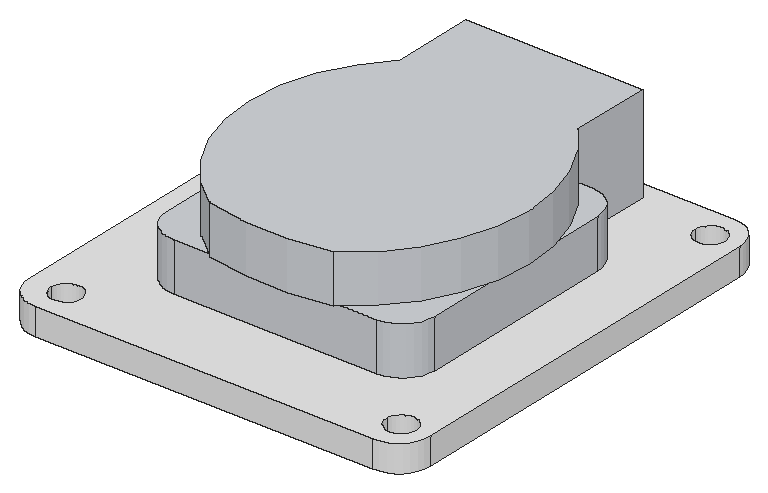
Revit family "Building-ConnessioniIEC309-GEWISS-IEC309HP-PRESA_FISSA_INC_ST_TEDESCO", category Apparecchi elettrici, host Superficie, Revit 2019
Family settings
  Host = Superficie
  Mantenere orientamento annotazione = Sì
  Quota connettore circolare = Usa diametro
  Tipo di parte = Normale
  Taglio con vuoti quando caricato = No
  Condiviso = No
  Punto di calcolo locali = Sì
Parameters (values of type "GW62393 - PRESA SCHUKO IP54 230V CON FLANGIA")
  simbolo acceso [instance] = yes
  distanza_simbolo [instance] = 1 mm
  distanza dal piano [instance] = 0 mm
  W = 115 mm  # constant formula
  Versione file RFA = "21.11"
  URL = "https://www.gewiss.com/it/it"
  Tipologia = ""
  Tipo Cablaggio = "A vite"
  Termopressione con biglia = "125 °C (Parti attive) - 80 °C (Parti passive)"
  Tensione nominale = "230V"
  Temperatura di utilizzo = "-25 +55 °C"
  Standard = "Tedesco"
  Spostamento_effettivo_S [instance] = 4000 mm - Spostamento_S  # 3043.5 mm
  Spostamento_S = 956.5 mm
  Sportello_visibile = yes
  Scheda Tecnica = "https://www.gewiss.com/it/it/search?q=GW62393"
  SPinotto = Default(2)
  SEO = "Presa"
  Prospetto di default = 500 mm
  Produttore = "GEWISS S.p.A."
  Piastra = Default(2)
  N. poli = "2P+T"
  Modello = "GW62393"
  L = 155 mm  # constant formula
  Immagine tipo = (empty or 0)
  IDT = "49630d0f696a4c5082891f2d21ac5637"
  IDF = "85c9a43b-b8e2-4230-9196-0c04cab01744"
  Grado di protezione = "IP54"
  Glow wire test: = "850 °C (Parti attive) - 650 °C (Parti passive)"
  Frequenza = "50/60 Hz"
  FORMULA = 1000 mm * 1  # 1000 mm
  Dimensioni flangia (mm) = "50x50"
  Descrizione = "PRESA SCHUKO IP54 230V CON FLANGIA"
  Creato da GEWISS S.p.A. = ""
  Corrente nominale (A) = "16"
  Corpo centrale = Default(2)
  Colore: = "Blu"
  Codice Electrocod = ""
  Catalogo = "BUILDING"
  CapacitÃ  serraggio morsetti = ""
  COBie.Tagnumber = ""
  COBie.CreatedOn = ""
  COBie.CreatebBy = ""
  COBie.ComponentRegisterItemID = ""
  COBie.Component.TagNumber = ""
  COBie.Component.Space = ""
  COBie.Component.SerialNumber = ""
  COBie.Component.InstallationDate = ""
  COBie.Component.Description = ""
  COBie.Component.BarCode = ""
  BLOCCO = "B=C"
Types (2, lengths in mm): name | Tipologia | Tensione nominale | Scheda Tecnica | Modello | IDT | Dimensioni flangia (mm) | Descrizione | Codice Electrocod | CapacitÃ  serraggio morsetti
  GW62392 - PRESA SCHUKO IP54 200-250V CON FLANGIA | "Presa fissa da incasso con shutter" | "200-250V" | "https://www.gewiss.com/it/it/search?q=GW62392" | "GW62392" | "a890bc9de3364c1ba520ef489f5bc169" | "85x75" | "PRESA SCHUKO IP54 200-250V CON FLANGIA" | "2211" | "1-2,5 mm² cavi flessibili - 1,5-2,5 mm² cavi rigidi"
  GW62393 - PRESA SCHUKO IP54 230V CON FLANGIA | "" | "230V" | "https://www.gewiss.com/it/it/search?q=GW62393" | "GW62393" | "49630d0f696a4c5082891f2d21ac5637" | "50x50" | "PRESA SCHUKO IP54 230V CON FLANGIA" | "" | ""
Reference planes
  plane 1 "Centro (Fronte/Retro)": y = 0
  plane 2: z = 0
  plane 3 "Centro (Sinistra/Destra)": x = 0
  plane 4: x = -3000
  plane 5: x = 43.5
  plane 6: z = 0
Dimensions and locks
  plane 4 to plane 3 "Centro (Sinistra/Destra)" = 3000 mm
  "Spostamento_effettivo_S": plane 4 to plane 5
  "distanza dal piano": plane 6 to plane 2
  aligned and locked: plane 2 to host face
  aligned and locked: level to host face
  aligned and locked: nested 1 to plane 5
  aligned and locked: plane 1 "Centro (Fronte/Retro)" to nested 2
  aligned and locked: plane 3 "Centro (Sinistra/Destra)" to nested 2
Automatic sketch dimensions
  host sketch curve to host sketch curve = 2438.4 mm  (x2)
Nested families
  nested 1: "GWGW62201FH - SIMBOLO_PRESA" at (43.5, 171.559, 0), visible <- "simbolo acceso", Distanza dal muro <- "distanza_simbolo", type "3P"
    with SIMBOLO ACCESO yes, Distanza dal muro 1 mm
  nested 2: "IEC309 PRESA FISSA INCASSO STANDARD TEDESCO 16A_base" at (0, 0, 0), type "IEC309 PRESA FISSA INCASSO STANDARD TEDESCO 16A_base"
Definition of nested family "IEC309 PRESA FISSA INCASSO STANDARD TEDESCO 16A_base"
  Parameters (values of type "IEC309 PRESA FISSA INCASSO STANDARD TEDESCO 16A_base")
    sp_ghiera = 16 mm
    h = 84 mm  # constant formula
    dis_base = 71 mm
    Sportello = yes
    Spinotto = none
    PIASTRA = none
    CENTRALE = none
    Bsae = 75 mm  # constant formula
  Reference planes
    plane 1 "Centro (Fronte/Retro)": y = 0
    plane 2: z = 0
    plane 3 "Centro (Sinistra/Destra)": x = 0
    plane 4: x = 75
    plane 5: y = 84
    plane 6: z = 5
    plane 7: x = 13.244
    plane 8: y = 15.586
    plane 9: y = 65.605
    plane 10: x = 63.263
    plane 11: z = 14.044
    plane 12: z = 23.044
  Forms (mm)
    Extrusion 1, solid, material <- "PIASTRA"
      sketch origin (0, 0, 0) x (1, 0, 0) y (0, 1, 0)
        loop
          line (0, 78) -> (0, 6)
          arc (0, 6) -> (1.757, 1.757) -> (6, 0) r 6
          line (6, 0) -> (69, 0)
          arc (69, 0) -> (73.243, 1.757) -> (75, 6) r 6
          line (75, 6) -> (75, 78)
          arc (75, 78) -> (73.243, 82.243) -> (69, 84) r 6
          line (69, 84) -> (6, 84)
          arc (6, 84) -> (1.757, 82.243) -> (0, 78) r 6
      from 0 to 5
    Extrusion 2, solid
      sketch origin (0, 0, 0) x (1, 0, 0) y (0, 1, 0)
        loop
          arc (19.244, 65.605) -> (15.002, 63.847) -> (13.244, 59.605) r 6
          line (13.244, 59.605) -> (13.244, 21.586)
          arc (13.244, 21.586) -> (15.002, 17.343) -> (19.244, 15.586) r 6
          line (19.244, 15.586) -> (57.263, 15.586)
          arc (57.263, 15.586) -> (61.506, 17.343) -> (63.263, 21.586) r 6
          line (63.263, 21.586) -> (63.263, 59.605)
          arc (63.263, 59.605) -> (61.506, 63.847) -> (57.263, 65.605) r 6
          line (57.263, 65.605) -> (19.244, 65.605)
      from 5 to 14.044
    Extrusion 3, void
      sketch origin (0, 0, 0) x (1, 0, 0) y (0, 1, 0)
        loop
          circle (6.956, 78.02) r 2.851
        loop
          circle (69.552, 78.02) r 2.851
        loop
          circle (6.956, 5.98) r 2.851
        loop
          circle (69.552, 5.98) r 2.851
      from 0 to 5
    Extrusion 4, solid
      sketch origin (0, 0, 0) x (1, 0, 0) y (0, 1, 0)
        loop
          line (21.741, 80.673) -> (21.741, 65.605)
          arc (21.741, 65.605) -> (12.323, 39.096) -> (26.662, 14.893) r 33.157
          arc (26.662, 14.893) -> (38.254, 13.587) -> (49.846, 14.893) r 52.094
          arc (49.846, 14.893) -> (64.185, 39.096) -> (54.767, 65.605) r 33.157
          line (54.767, 65.605) -> (54.767, 80.673) -> (21.741, 80.673)
      from 14.044 to 23.044
    Extrusion 5, solid
      sketch origin (0, 0, 0) x (1, 0, 0) y (0, 1, 0)
        loop
          line (54.767, 80.673) -> (21.741, 80.673) -> (21.741, 65.605) -> (54.767, 65.605) -> (54.767, 80.673)
      from 5 to 23.044
  Cuts and joins
    Extrusion 3 cuts Extrusion 1
    joined: Extrusion 4, Extrusion 5
  Dimensions and locks
    "Bsae": plane 3 "Centro (Sinistra/Destra)" to plane 4
    "h": plane 1 "Centro (Fronte/Retro)" to plane 5
    locked: plane 6 to level at 5
    locked: plane 5 to plane 9 at 18.395
    locked: plane 3 "Centro (Sinistra/Destra)" to plane 7 at 13.244
    locked: plane 10 to plane 4 at 11.737
    locked: plane 1 "Centro (Fronte/Retro)" to plane 8 at 15.586
    locked: plane 11 to plane 6 at 9.044
    plane 1 "Centro (Fronte/Retro)" to Extrusion 4 = 80.673 mm
    locked: plane 12 to plane 11 at 9
    plane 11 to plane 6 = 9.044 mm
    radius of Extrusion 1 sketch curve = 6 mm  (x4)
    radius of Extrusion 2 sketch curve = 6 mm  (x4)
    aligned and locked: level to plane 2
    aligned and locked: Extrusion 1 sketch curve to plane 3 "Centro (Sinistra/Destra)"
    aligned and locked: Extrusion 1 sketch curve to plane 5
    aligned and locked: Extrusion 1 sketch curve to plane 4
    aligned and locked: Extrusion 1 sketch curve to plane 1 "Centro (Fronte/Retro)"
    aligned and locked: plane 6 to Extrusion 1
    aligned and locked: Extrusion 2 sketch curve to plane 9
    aligned and locked: Extrusion 2 sketch curve to plane 10
    aligned and locked: Extrusion 2 sketch curve to plane 7
    aligned and locked: Extrusion 2 to plane 6
    aligned and locked: plane 11 to Extrusion 2
    aligned and locked: plane 12 to Extrusion 4
    aligned and locked: Extrusion 4 to Extrusion 2
    aligned and locked: Extrusion 1 to Extrusion 3
    aligned and locked: Extrusion 5 sketch curve to Extrusion 4  (x3)
    aligned and locked: Extrusion 5 sketch curve to plane 9
    aligned and locked: Extrusion 5 to plane 6
    aligned and locked: plane 12 to Extrusion 5
  Automatic sketch dimensions
    plane 8 to Extrusion 2 sketch curve = 0 mm
    Extrusion 3 sketch curve to plane 7 = 6.288 mm  (x2)
    plane 4 to Extrusion 3 sketch curve = 5.448 mm  (x2)
    Extrusion 3 sketch curve to plane 1 "Centro (Fronte/Retro)" = 5.98 mm  (x2)
    Extrusion 3 sketch curve to plane 5 = 5.98 mm  (x2)
    Extrusion 4 sketch curve to plane 9 = 0 mm
    Extrusion 4 sketch curve to plane 5 = 3.327 mm
    plane 7 to Extrusion 4 sketch curve = 8.497 mm
    plane 7 to Extrusion 4 sketch curve = 17.938 mm
    plane 9 to Extrusion 4 sketch curve = 0.076 mm
    Extrusion 4 sketch curve to Extrusion 4 sketch curve = 16.513 mm
    Extrusion 4 sketch curve to Extrusion 4 sketch curve = 14.144 mm
    plane 10 to Extrusion 4 sketch curve = 8.497 mm
    Extrusion 4 sketch curve to plane 9 = 23.306 mm
    Extrusion 4 sketch curve to Extrusion 4 sketch curve = 0 mm
    plane 9 to Extrusion 4 sketch curve = 0 mm
    plane 8 to Extrusion 4 sketch curve = 0.693 mm
    radius of Extrusion 3 sketch curve = 2.851 mm  (x4)
Definition of nested family "GWGW62201FH - SIMBOLO_PRESA"
  Parameters (values of type "3P")
    SIMBOLO ACCESO [instance] = yes
    Distanza dal muro [instance] = 0 mm
  Reference planes
    plane 1: y = 0
    plane 2: x = 0
  Dimensions and locks
    "Distanza dal muro": plane 1 to nested 1
    aligned and locked: plane 2 to nested 1
  Nested families
    nested 1: "GWGW62201FH - SIMBOLO" at (0, 0, 0), visible <- "SIMBOLO ACCESO", type "3P"
  Definition of nested family "GWGW62201FH - SIMBOLO"
    Parameters (values of type "3P")
      CORNICE SIMBOLO [instance] = yes
      3P = yes
    Reference planes
      plane 1: y = 0
      plane 2: x = 0
    Lines and regions (mm)
      detail lines
        curve 1: circle (-0.314, 0.674, 0) r 0.057 normal (0, 0, 1)
        curve 2: arc (0.346, -0.009, 0) -> (0, 0.337, 0) -> (-0.346, -0.009, 0) r 0.346
        curve 3: line (0, 0.337, 0) -> (0.346, 0.337, 0)
        curve 4: line (0, 3.386, 0) -> (0, 0.337, 0)
        curve 5: line (0, 0.337, 0) -> (-0.314, 0.674, 0)
